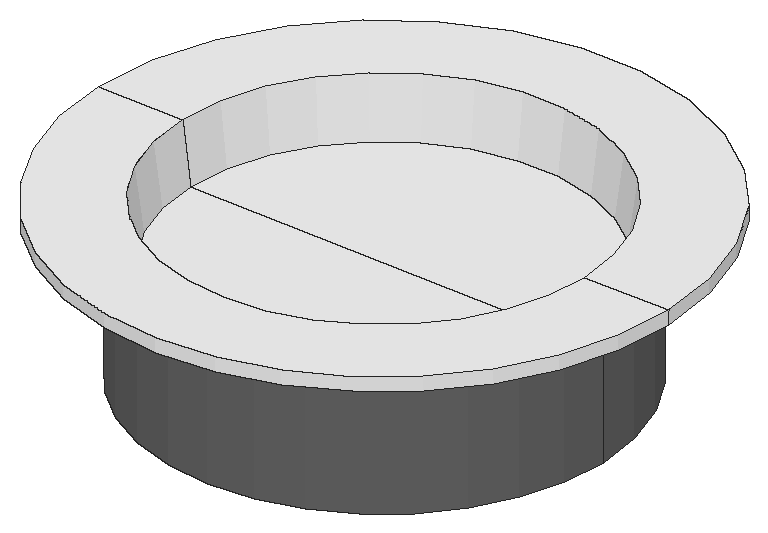
Revit family "0030379", category Lighting Fixtures, host Face, Revit 2017
Family settings
  Host = Face
  Round Connector Dimension = Use Diameter
  Part Type = Normal
  OmniClass Number = 23.80.70.00
  OmniClass Title = Lighting
  Cut with Voids When Loaded = No
  Light Source = Yes
  Shared = No
  Room Calculation Point = No
Parameters (values of type "0030379 START DOWNLIGHT 90 IP44 830LM 830 DIM")
  Weight = "5.22 kg"
  Wattage Comments = ""
  Wattage = 7.8 W
  WarrantyStartDate [instance] = "n/a"
  WarrantyGuarantorParts = "n/a"
  WarrantyDurationUnit = "n/a"
  WarrantyDurationParts = "n/a"
  WarrantyDescription = "n/a"
  built-in parameter 1150110 = 1 (stored number, unit not read)
  Voltage = 230 V
  URL = "http://www.sylvania-lighting.com"
  TypeName = "START Downlight 90 IP44 830Lm 830 DIM"
  Type Image = <None>
  Type Comments = "n/a"
  built-in parameter 1114217 = 1 (stored number, unit not read)
  Tilt Angle = -90.00°
  built-in parameter 1150109 = 1 (stored number, unit not read)
  built-in parameter 1150134 = (empty or 0)
  built-in parameter 1150113 = 1 (stored number, unit not read)
  SerialNumber [instance] = "n/a"
  RadiusTop_SYL = 120 mm
  Photometric Web File = "0030379.ies"
  Material_3_SYL = Top-Sylvania-STARTDownlight
  PowerFactor = 0.9
  PowerConsumption = "7.8 W"
  NominalLength = 109 mm
  NominalHeight = 38 mm
  NominalDepth = 109 mm
  Name = "START Downlight 90 IP44 830Lm 830 DIM"
  ModelReference = Name  # "START Downlight 90 IP44 830Lm 830 DIM"
  ModelNumber = "0030379"
  Model = Name  # "START Downlight 90 IP44 830Lm 830 DIM"
  Material = "aluminium housing, pc polycarbonate diffuser"
  ManufacturerName = "Feilo Sylvania"
  Manufacturer = "Feilo Sylvania"
  LuminousEfficacy = "106 lm/W"
  built-in parameter 1150105 = 487.76 (stored number, unit not read)
  Lumens = 826.8 lm
  LuminaireType = ""
  built-in parameter 1150115 = 1 (stored number, unit not read)
  LightOutputRatio = "n/a"
  built-in parameter 1150137 = (empty or 0)
  built-in parameter 1150139 = (empty or 0)
  LampsType = Lamp  # "LED"
  LampNominalLuminous = "830 lm"
  LampMacAdamStep = "n/a"
  LampColourTemperature = "3000 K"
  LampColourRenderingIndex = "80"
  built-in parameter 1150112 = 1 (stored number, unit not read)
  built-in parameter 1150114 = 1 (stored number, unit not read)
  Lamp = "LED"
  Keynote = "16500"
  InstallationDate [instance] = "n/a"
  InputVoltage = "220-240 V AC"
  InputNominalFrequency = "50/60 Hz"
  built-in parameter 1150132 = (empty or 0)
  built-in parameter 1150102 = (empty or 0)
  built-in parameter 1150107 = 3000 (stored number, unit not read)
  built-in parameter 1150138 = (empty or 0)
  IngressProtection = "IP44/20"
  ImpactProtectionIndex = "IK07"
  built-in parameter 1150106 = 4.8776 (stored number, unit not read)
  IfcExportType = "IfcLightFixtureType"
  IfcExportAs = "IfcLightFixtureType"
  Height_SYL = 62 mm
  ExpectedLife = 50000
  Emit from Circle Diameter = 64 mm  # constant formula
  Emit Shape Visible in Rendering = no
  ElectricShockClassification = "Class II"
  built-in parameter 1150104 = 9.8477 (stored number, unit not read)
  DurationUnit = "hours"
  DocumentationLiterature = "http://www.sylvania-lighting.com/product/en-int/products/0030379"
  DimmingControlOptions = "n/a"
  Material_2_SYL = Diffuser-Sylvania-STARTDownlight
  Dimming Lamp Color Temperature Shift = <None>
  Diameter_SYL = 240 mm
  DiameterTop_SYL = 105 mm
  DiameterRecess_SYL = 216 mm
  Description = "A ceiling recessed LED downlight IP44 (from the front) with phase dimmable driver, perfect where limited ceiling void is available with only 38mm product depth and 90mm cutout. The polycarbonate diffuser allows for a wider light distribution and increased spacings between luminiares. Loop in loop out connector allows for quick installation. Die-cast aluminium body, 830LM, 7.8W, 106lm/W, 3000K, Driver Current: 250mA, CRI80, 80° beam angle, IP44 from the front, IK07, 50,000 hrs (L70), (HxW) 38x109mm, 6 step MacAdam ellipse, Class 2, 220-240V, energy class: A++, A+, A"
  Default Elevation = 1219.2 mm
  CreatedOn = "9/23/2019"
  CreatedBy = "@sylvania-lighting.com"
  Cost = 0
  Color Filter = 16777215
  built-in parameter 1114216 [instance] = (empty or 0)
  ClassificationValue = "EF_70_80"
  ClassificationName = "Uniclass2015"
  Material_1_SYL = Trim-Sylvania-STARTDownlight-White
  BarCode [instance] = "n/a"
  built-in parameter 1114218 = 1 (stored number, unit not read)
  built-in parameter 1150133 = 10 (stored number, unit not read)
  AssetType = "Fixed"
  AssetIdentifier [instance] = "n/a"
  Assembly Code = "D5020200"
  Apparent Load = 7.8 VA
  Material_4_SYL = LED-Sylvania-STARTDownlight
Reference planes
  plane 1 "Center (Front/Back)": y = 0
  plane 2: z = 0
  plane 3 "Center (Left/Right)": x = 0
  plane 4: x = -45
  plane 5: x = -54.5
  plane 6: z = 2.5
  plane 7: x = -42
  plane 8: z = -28
  plane 9: x = -40
  plane 10: z = -34
  plane 11: x = -30
  plane 12: x = -38.5
  plane 13: z = -8.5
  plane 14: x = -37
Forms (mm)
  Revolve 1, void
    sketch origin (0, 0, 0) x (1, 0, 0) y (0, 0, 1)
      loop
        line (0, 0) -> (-45, 0) -> (-45, -85) -> (0, -85) -> (0, 0)
      axis (0, 0) -> (0, -85)
    angle from 360 to 0
  Revolve 2, solid, material "Trim-Sylvania-STARTDownlight-White" <- "Material_1_SYL"
    sketch origin (0, 0, 0) x (1, 0, 0) y (0, 0, 1)
      loop
        line (-38.5, 2.5) -> (-54.5, 2.5) -> (-54.5, 0) -> (-42, 0) -> (-42, -28) -> (-40, -28) -> (-30, -34) -> (0, -34) -> (0, -8.5) -> (-37, -8.5) -> (-38.5, 2.5)
      axis (0, 2.5) -> (0, -34)
    angle from 360 to 0
Dimensions and locks
  locked: plane 3 "Center (Left/Right)" to plane 4 at 45
  locked: plane 6 to plane 2 at 2.5
  locked: plane 3 "Center (Left/Right)" to plane 5 at 54.5
  locked: plane 3 "Center (Left/Right)" to plane 7 at 42
  locked: plane 2 to plane 8 at 28
  locked: plane 9 to plane 7 at 2
  locked: plane 8 to plane 10 at 6
  locked: plane 3 "Center (Left/Right)" to plane 11 at 30
  locked: plane 12 to plane 5 at 16
  locked: plane 2 to plane 13 at 8.5
  locked: plane 14 to plane 12 at 1.5
  aligned and locked: plane 2 to host face
  aligned and locked: level to host face
  aligned and locked: plane 3 "Center (Left/Right)" to imposter light
  aligned and locked: imposter light to plane 1 "Center (Front/Back)"
  aligned and locked: Revolve 1 sketch curve to plane 4
  aligned and locked: Revolve 2 sketch curve to plane 3 "Center (Left/Right)"
  aligned and locked: Revolve 2 sketch curve to plane 6
  aligned and locked: Revolve 2 sketch curve to plane 5
  aligned and locked: Revolve 2 sketch curve to level
  aligned and locked: plane 8 to Revolve 2 sketch curve  (x2)
  aligned and locked: Revolve 2 sketch curve to plane 7
  aligned and locked: plane 9 to Revolve 2 sketch curve
  aligned and locked: plane 11 to Revolve 2 sketch curve
  aligned and locked: plane 10 to Revolve 2 sketch curve
  aligned and locked: plane 3 "Center (Left/Right)" to Revolve 2 sketch curve
  aligned and locked: plane 13 to Revolve 2 sketch curve  (x2)
  aligned and locked: imposter light to plane 13
Connectors
  electrical at (0, 0, -34), driven by "Voltage", driven by "Apparent Load", driven by "PowerFactor"
    settings: on Revolve 2, index 1, voltage 230 V, apparent load 7.8 VA, apparent load phase1 0 VA, apparent load phase2 0 VA, apparent load phase3 0 VA, power factor 0.9, load classification "Other", number of poles 1, system type 30, power factor state 1, is connector primary yes, connector utility no, sub classification motor no, connector description ""
